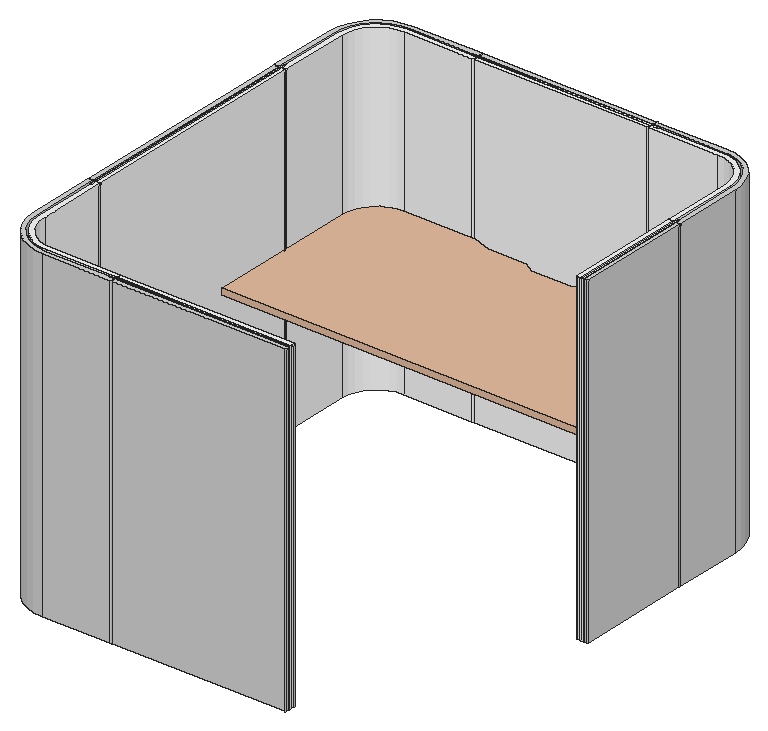
Revit family "NBS_Senator_MeetingPods_SoloAbodePlusRightHand", category Furniture, Revit 2018
Family settings
  Work Plane-Based = No
  Always vertical = Yes
  Cut with Voids When Loaded = No
  Shared = No
  Room Calculation Point = No
Parameters (values of type "PDSAP14R")
  WarrantyStartDate [instance] = "1900-12-31T23:59:59"
  WarrantyGuarantorParts = "contactus@thesenatorgroup.com"
  WarrantyGuarantorLabor = "n/a"
  WarrantyDurationUnit = "year"
  WarrantyDurationParts = "10"
  WarrantyDurationLabor = "n/a"
  WarrantyDescription = "Senator warrants that its manufactured products are free from manufacturing defects - in materials or workmanship - for a period of ten (10) years on Senator Seating ranges; and fifteen (15) years on Senator Desking ranges - exceptions are listed below. Senator will repair or replace (at Senator’s sole discretion) with comparable free of charge materials / components, any product / component, which fails under normal use in a single shift environment, as a result of a defect in the materials and / or workmanship"
  Version = "1"  # constant formula
  Uniclass2015Version = "Products v1.16"
  Uniclass2015Title = "Pr_40_50_12_53"
  Uniclass2015Code = "Meeting pods"
  TagNumber [instance] = "n/a"
  SustainabilityPerformance = "99% recyclable"
  Style = "Pods"
  Status = "UNSET"
  Size = "2000 x 1750 x 1400 mm"
  Shape = "n/a"
  SerialNumber [instance] = "n/a"
  SeatWidth = "n/a"
  SeatDepth = "n/a"
  Revision = "n/a"
  ReplacementCost = "n/a"
  Reference = "n/a"
  ProductInformation = "n/a"
  PodWidth = 1750 mm  # constant formula
  PodHeight = 1400 mm
  PodDepth = 2000 mm  # constant formula
  InnerPanelMaterial = NBS_Senator_White
  OuterPanelMaterial = NBS_Senator_StAndrews
  NominalWidth = 1400 mm
  NominalLength = 1750 mm
  NominalHeight = 1400 mm
  NominalDepth = 2000 mm
  Name = "MeetingPods_SoloAbodePlusRightHand_PDSAP14R_Senator"
  NBSReference = "45-35-20/342"
  NBSDescription = "Meeting pods"
  NBSCertification = "www.nationalbimlibrary.com/cert/wiskhycj"
  ModelReference = "Pods-SoloAbodePlusRightHand_PDSAP14R"
  ModelNumber = "PDSAP14R"
  Material = "Fabric, metal, plastic"
  ManufacturerURL = "www.senator.co.uk"
  ManufacturerName = "The Senator Group"  # constant formula
  Manufacturer = "sales@senator.co.uk"  # constant formula
  MainColor = "n/a"
  IsBuiltIn = no
  InstallationDate [instance] = "1900-12-31T23:59:59"
  MiddlePanelMaterial = NBS_Senator_White
  IfcExportType = "USERDEFINED"  # constant formula
  IfcExportAs = "IfcFurnitureType"  # constant formula
  Grade = "n/a"
  FramesColour = "Black, white"
  FinishOptions = "Carini walnut, mocha, autumn, strata oak, maple, highland oak, beech, winter oak, hacienda white, white, light grey, denim, clay, lemon sorbet"
  Finish = "Outer vertical panels upholstered in camira, blazer fabric Two tone is standard"
  Features = "Internal frame with multi-layered acoustic foam, levelling adjusters, blazer fabric, outer vertical panels"
  FabricFinishOptions = "Plymouth, fairfield, latymer, lancaster, silcoates, silverdale, st andrews, trevelyan, ulster, wellington, wesley, manchester,"
  ExpectedLife = "10"
  DurationUnit = "year"
  DeskWidth = 1645 mm  # constant formula
  DeskThickness = 0 mm
  DeskMaterial = NBS_Senator_HighlandOak
  DeskDepth = 800 mm  # constant formula
  Description = "Compact single person workspace"
  Constituents = "n/a"
  Color = "n/a"
  CodePerformance = "n/a"
  Category = "Pr_40_50_12_53: Meeting pods"
  BarCode [instance] = "n/a"
  BIMObjectName = "NBS_Senator_MeetingPods_SoloAbodePlusRightHand_PDSAP14R"
  Author = "NBS"  # constant formula
  AssetType = "Fixed"
  AssetIdentifier [instance] = "n/a"
  Accessories = "Monitor arms, PU desk accessories, desk top accessories, CPU holders, electrical accessories, coat hanger, name plate, A2 dry wipe board with hanger, A3 dry wipe board with hanger"
  AccessibilityPerformance = "n/a"
Types (3, lengths in mm): name | Size | PodHeight | NominalWidth | NominalHeight | Name | ModelReference | ModelNumber | BIMObjectName
  (no name) | "2000 x 1750 x 1400 mm" | 1400 | 1400 | 1400 | "MeetingPods_SoloAbodePlusRightHand_PDSAP14R_Senator" | "Pods-SoloAbodePlusRightHand_PDSAP14R" | "PDSAP14R" | "NBS_Senator_MeetingPods_SoloAbodePlusRightHand_PDSAP14R"
  PDSAP14R | "2000 x 1750 x 1400 mm" | 1400 | 1400 | 1400 | "MeetingPods_SoloAbodePlusRightHand_PDSAP14R_Senator" | "Pods-SoloAbodePlusRightHand_PDSAP14R" | "PDSAP14R" | "NBS_Senator_MeetingPods_SoloAbodePlusRightHand_PDSAP14R"
  PDSAP18R | "2000 x 1750 x 1800 mm" | 1800 | 1800 | 1800 | "MeetingPods_SoloAbodePlusRightHand_PDSAP18R_Senator" | "Pods-SoloAbodePlusRightHand_PDSAP18R" | "PDSAP18R" | "NBS_Senator_MeetingPods_SoloAbodePlusRightHand_PDSAP18R"
Reference planes
  plane 1 "Center (Front/Back)": y = 0
  plane 2 "Bottom": z = 0
  plane 3 "Center (Left/Right)": x = 0
  plane 4 "Right": x = 875
  plane 5 "Left": x = -875
  plane 6 "Back": y = 1000
  plane 7 "Front": y = -1000
  plane 8 "Top": z = 1400
  plane 9: y = -950
  plane 10: x = -825
  plane 11: x = 825
  plane 12: y = 950
  plane 13: y = -970
  plane 14: y = -980
  plane 15: x = 855
  plane 16: x = 845
  plane 17: y = 980
  plane 18: y = 970
  plane 19: x = -855
  plane 20: x = -845
  plane 21: x = -822.791
  plane 22: x = 822.208
  plane 23: y = 150.31
  plane 24: y = 526.117
  plane 25: x = 400.723
  plane 26: x = -400.723
  plane 27: y = 526.117
  plane 28: y = 501.044
  plane 29: y = 500.044
  plane 30: x = -374.65
  plane 31: x = -375.65
  plane 32: x = 375.65
  plane 33: x = 374.65
  plane 34: y = 501.044
  plane 35: y = 500.044
  plane 36: y = 920.31
  plane 37: y = 895.865
  plane 38: z = 710
  plane 39: z = 685
  plane 40: x = -401.518
  plane 41: x = -376.445
  plane 42: x = -375.445
  plane 43: x = 375
  plane 44: y = -525.3
  plane 45: y = -500.3
  plane 46: y = -499.3
  plane 47: y = 3.7
Forms (mm)
  Extrusion 1, solid, material "NBS_Senator_StAndrews" <- "OuterPanelMaterial", detail levels medium+fine
    sketch origin (0, 0, 0) x (1, 0, 0) y (0, 1, 0)
      loop
        arc (-369.65, 1000) -> (-373.185, 998.536) -> (-374.65, 995) r 5
        line (-374.65, 995) -> (-374.65, 985)
        arc (-374.65, 985) -> (-373.185, 981.464) -> (-369.65, 980) r 5
        line (-369.65, 980) -> (369.65, 980)
        arc (369.65, 980) -> (373.185, 981.464) -> (374.65, 985) r 5
        line (374.65, 985) -> (374.65, 995)
        arc (374.65, 995) -> (373.185, 998.536) -> (369.65, 1000) r 5
        line (369.65, 1000) -> (-369.65, 1000)
    from 0 to 1400
  Extrusion 2, solid, material "NBS_Senator_White" <- "InnerPanelMaterial", detail levels medium+fine
    sketch origin (0, 0, 0) x (1, 0, 0) y (0, 1, 0)
      loop
        arc (-369.65, 970) -> (-373.185, 968.536) -> (-374.65, 965) r 5
        line (-374.65, 965) -> (-374.65, 955)
        arc (-374.65, 955) -> (-373.185, 951.464) -> (-369.65, 950) r 5
        line (-369.65, 950) -> (369.65, 950)
        arc (369.65, 950) -> (373.185, 951.464) -> (374.65, 955) r 5
        line (374.65, 955) -> (374.65, 965)
        arc (374.65, 965) -> (373.185, 968.536) -> (369.65, 970) r 5
        line (369.65, 970) -> (-369.65, 970)
    from 0 to 1400
  Extrusion 3, solid, material "NBS_Senator_White" <- "InnerPanelMaterial", detail levels medium+fine
    sketch origin (0, 0, 0) x (1, 0, 0) y (0, 1, 0)
      loop
        line (-380.65, 970) -> (-680, 970)
        arc (-680, 970) -> (-796.673, 921.673) -> (-845, 805) r 165
        line (-845, 805) -> (-845, 506.044)
        arc (-845, 506.044) -> (-843.536, 502.509) -> (-840, 501.044) r 5
        line (-840, 501.044) -> (-830, 501.044)
        arc (-830, 501.044) -> (-826.464, 502.509) -> (-825, 506.044) r 5
        line (-825, 506.044) -> (-825, 800)
        arc (-825, 800) -> (-781.066, 906.066) -> (-675, 950) r 150
        line (-675, 950) -> (-380.65, 950)
        arc (-380.65, 950) -> (-377.114, 951.464) -> (-375.65, 955) r 5
        line (-375.65, 955) -> (-375.65, 965)
        arc (-375.65, 965) -> (-377.114, 968.536) -> (-380.65, 970) r 5
    from 0 to 1400
  Extrusion 4, solid, material "NBS_Senator_White" <- "InnerPanelMaterial", detail levels medium+fine
    sketch origin (0, 0, 0) x (1, 0, 0) y (0, 1, 0)
      loop
        line (830, 501.044) -> (840, 501.044)
        arc (840, 501.044) -> (843.536, 502.509) -> (845, 506.044) r 5
        line (845, 506.044) -> (845, 805)
        arc (845, 805) -> (796.673, 921.673) -> (680, 970) r 165
        line (680, 970) -> (380.65, 970)
        arc (380.65, 970) -> (377.114, 968.536) -> (375.65, 965) r 5
        line (375.65, 965) -> (375.65, 955)
        arc (375.65, 955) -> (377.114, 951.464) -> (380.65, 950) r 5
        line (380.65, 950) -> (675, 950)
        arc (675, 950) -> (781.066, 906.066) -> (825, 800) r 150
        line (825, 800) -> (825, 506.044)
        arc (825, 506.044) -> (826.464, 502.509) -> (830, 501.044) r 5
    from 0 to 1400
  Extrusion 5, solid, material "NBS_Senator_StAndrews" <- "OuterPanelMaterial", detail levels medium+fine
    sketch origin (0, 0, 0) x (1, 0, 0) y (0, 1, 0)
      loop
        line (-870, 501.044) -> (-860, 501.044)
        arc (-860, 501.044) -> (-856.464, 502.509) -> (-855, 506.044) r 5
        line (-855, 506.044) -> (-855, 800)
        arc (-855, 800) -> (-802.279, 927.279) -> (-675, 980) r 180
        line (-675, 980) -> (-380.65, 980)
        arc (-380.65, 980) -> (-377.114, 981.464) -> (-375.65, 985) r 5
        line (-375.65, 985) -> (-375.65, 995)
        arc (-375.65, 995) -> (-377.114, 998.536) -> (-380.65, 1000) r 5
        line (-380.65, 1000) -> (-673, 1000)
        arc (-673, 1000) -> (-815.836, 940.836) -> (-875, 798) r 202
        line (-875, 798) -> (-875, 506.044)
        arc (-875, 506.044) -> (-873.536, 502.509) -> (-870, 501.044) r 5
    from 0 to 1400
  Extrusion 6, solid, material "NBS_Senator_StAndrews" <- "OuterPanelMaterial", detail levels medium+fine
    sketch origin (0, 0, 0) x (1, 0, 0) y (0, 1, 0)
      loop
        arc (380.65, 1000) -> (377.114, 998.536) -> (375.65, 995) r 5
        line (375.65, 995) -> (375.65, 985)
        arc (375.65, 985) -> (377.114, 981.464) -> (380.65, 980) r 5
        line (380.65, 980) -> (675, 980)
        arc (675, 980) -> (802.279, 927.279) -> (855, 800) r 180
        line (855, 800) -> (855, 506.044)
        arc (855, 506.044) -> (856.464, 502.509) -> (860, 501.044) r 5
        line (860, 501.044) -> (870, 501.044)
        arc (870, 501.044) -> (873.536, 502.509) -> (875, 506.044) r 5
        line (875, 506.044) -> (875, 798)
        arc (875, 798) -> (815.836, 940.836) -> (673, 1000) r 202
        line (673, 1000) -> (380.65, 1000)
    from 0 to 1400
  Extrusion 7, solid, material "NBS_Senator_White" <- "MiddlePanelMaterial", detail levels medium+fine
    sketch origin (0, 0, 0) x (1, 0, 0) y (0, 1, 0)
      loop
        line (375, -980) -> (375, -970) -> (-401.518, -970) -> (-401.518, -980) -> (375, -980)
      loop
        line (-855, -525.3) -> (-845, -525.3) -> (-845, 526.117) -> (-855, 526.117) -> (-855, -525.3)
      loop
        line (400.723, 970) -> (400.723, 980) -> (-400.723, 980) -> (-400.723, 970) -> (400.723, 970)
      loop
        line (845, 526.117) -> (845, 3.7) -> (855, 3.7) -> (855, 526.117) -> (845, 526.117)
    from 0 to 1400
  Extrusion 8, solid, material "NBS_Senator_White" <- "InnerPanelMaterial", detail levels medium+fine
    sketch origin (0, 0, 0) x (1, 0, 0) y (0, 1, 0)
      loop
        line (370, -950) -> (-370.445, -950)
        arc (-370.445, -950) -> (-373.981, -951.464) -> (-375.445, -955) r 5
        line (-375.445, -955) -> (-375.445, -965)
        arc (-375.445, -965) -> (-373.981, -968.536) -> (-370.445, -970) r 5
        line (-370.445, -970) -> (370, -970)
        arc (370, -970) -> (373.536, -968.536) -> (375, -965) r 5
        line (375, -965) -> (375, -955)
        arc (375, -955) -> (373.536, -951.464) -> (370, -950) r 5
    from 0 to 1400
  Extrusion 9, solid, material "NBS_Senator_StAndrews" <- "OuterPanelMaterial", detail levels medium+fine
    sketch origin (0, -30, 0) x (1, 0, 0) y (0, 1, 0)
      loop
        line (370, -950) -> (-370.445, -950)
        arc (-370.445, -950) -> (-373.981, -951.464) -> (-375.445, -955) r 5
        line (-375.445, -955) -> (-375.445, -965)
        arc (-375.445, -965) -> (-373.981, -968.536) -> (-370.445, -970) r 5
        line (-370.445, -970) -> (370, -970)
        arc (370, -970) -> (373.536, -968.536) -> (375, -965) r 5
        line (375, -965) -> (375, -955)
        arc (375, -955) -> (373.536, -951.464) -> (370, -950) r 5
    from 0 to 1400
  Extrusion 10, solid, material "NBS_Senator_StAndrews" <- "OuterPanelMaterial", detail levels medium+fine
    sketch origin (0, 0, 0) x (1, 0, 0) y (0, 1, 0)
      loop
        line (-870, -499.3) -> (-860, -499.3)
        arc (-860, -499.3) -> (-856.464, -497.836) -> (-855, -494.3) r 5
        line (-855, -494.3) -> (-855, 495.044)
        arc (-855, 495.044) -> (-856.464, 498.58) -> (-860, 500.044) r 5
        line (-860, 500.044) -> (-870, 500.044)
        arc (-870, 500.044) -> (-873.536, 498.58) -> (-875, 495.044) r 5
        line (-875, 495.044) -> (-875, -494.3)
        arc (-875, -494.3) -> (-873.536, -497.836) -> (-870, -499.3) r 5
    from 0 to 1400
  Extrusion 11, solid, material "NBS_Senator_White" <- "InnerPanelMaterial", detail levels medium+fine
    sketch origin (30, 0, 0) x (1, 0, 0) y (0, 1, 0)
      loop
        line (-870, -499.3) -> (-860, -499.3)
        arc (-860, -499.3) -> (-856.464, -497.836) -> (-855, -494.3) r 5
        line (-855, -494.3) -> (-855, 495.044)
        arc (-855, 495.044) -> (-856.464, 498.58) -> (-860, 500.044) r 5
        line (-860, 500.044) -> (-870, 500.044)
        arc (-870, 500.044) -> (-873.536, 498.58) -> (-875, 495.044) r 5
        line (-875, 495.044) -> (-875, -494.3)
        arc (-875, -494.3) -> (-873.536, -497.836) -> (-870, -499.3) r 5
    from 0 to 1400
  Extrusion 12, solid, material "NBS_Senator_StAndrews" <- "OuterPanelMaterial", detail levels medium+fine
    sketch origin (0, 0, 0) x (1, 0, 0) y (0, 1, 0)
      loop
        arc (870, 3.7) -> (873.536, 5.164) -> (875, 8.7) r 5
        line (875, 8.7) -> (875, 495.044)
        arc (875, 495.044) -> (873.536, 498.58) -> (870, 500.044) r 5
        line (870, 500.044) -> (860, 500.044)
        arc (860, 500.044) -> (856.464, 498.58) -> (855, 495.044) r 5
        line (855, 495.044) -> (855, 8.7)
        arc (855, 8.7) -> (856.464, 5.164) -> (860, 3.7) r 5
        line (860, 3.7) -> (870, 3.7)
    from 0 to 1400
  Extrusion 13, solid, material "NBS_Senator_StAndrews" <- "OuterPanelMaterial", detail levels medium+fine
    sketch origin (0, 0, 0) x (1, 0, 0) y (0, 1, 0)
      loop
        arc (-870, -500.3) -> (-873.536, -501.764) -> (-875, -505.3) r 5
        line (-875, -505.3) -> (-875, -798)
        arc (-875, -798) -> (-815.836, -940.836) -> (-673, -1000) r 202
        line (-673, -1000) -> (-381.445, -1000)
        arc (-381.445, -1000) -> (-377.91, -998.536) -> (-376.445, -995) r 5
        line (-376.445, -995) -> (-376.445, -985)
        arc (-376.445, -985) -> (-377.91, -981.464) -> (-381.445, -980) r 5
        line (-381.445, -980) -> (-675, -980)
        arc (-675, -980) -> (-802.279, -927.279) -> (-855, -800) r 180
        line (-855, -800) -> (-855, -505.3)
        arc (-855, -505.3) -> (-856.464, -501.764) -> (-860, -500.3) r 5
        line (-860, -500.3) -> (-870, -500.3)
    from 0 to 1400
  Extrusion 14, solid, material "NBS_Senator_White" <- "InnerPanelMaterial", detail levels medium+fine
    sketch origin (0, 0, 0) x (1, 0, 0) y (0, 1, 0)
      loop
        arc (830, 500.044) -> (826.464, 498.58) -> (825, 495.044) r 5
        line (825, 495.044) -> (825, 8.7)
        arc (825, 8.7) -> (826.464, 5.164) -> (830, 3.7) r 5
        line (830, 3.7) -> (840, 3.7)
        arc (840, 3.7) -> (843.536, 5.164) -> (845, 8.7) r 5
        line (845, 8.7) -> (845, 495.044)
        arc (845, 495.044) -> (843.536, 498.58) -> (840, 500.044) r 5
        line (840, 500.044) -> (830, 500.044)
    from 0 to 1400
  Extrusion 15, solid, material "NBS_Senator_White" <- "InnerPanelMaterial", detail levels medium+fine
    sketch origin (0, 0, 0) x (1, 0, 0) y (0, 1, 0)
      loop
        arc (-840, -500.3) -> (-843.536, -501.764) -> (-845, -505.3) r 5
        line (-845, -505.3) -> (-845, -805)
        arc (-845, -805) -> (-796.673, -921.673) -> (-680, -970) r 165
        line (-680, -970) -> (-381.445, -970)
        arc (-381.445, -970) -> (-377.91, -968.536) -> (-376.445, -965) r 5
        line (-376.445, -965) -> (-376.445, -955)
        arc (-376.445, -955) -> (-377.91, -951.464) -> (-381.445, -950) r 5
        line (-381.445, -950) -> (-675, -950)
        arc (-675, -950) -> (-781.066, -906.066) -> (-825, -800) r 150
        line (-825, -800) -> (-825, -505.3)
        arc (-825, -505.3) -> (-826.464, -501.764) -> (-830, -500.3) r 5
        line (-830, -500.3) -> (-840, -500.3)
    from 0 to 1400
  Extrusion 16, solid, material "NBS_Senator_StAndrews" <- "OuterPanelMaterial", detail levels coarse
    sketch origin (0, 0, 0) x (1, 0, 0) y (0, 1, 0)
      loop
        line (375, -950) -> (-675, -950)
        arc (-675, -950) -> (-781.066, -906.066) -> (-825, -800) r 150
        line (-825, -800) -> (-825, 800)
        arc (-825, 800) -> (-781.066, 906.066) -> (-675, 950) r 150
        line (-675, 950) -> (675, 950)
        arc (675, 950) -> (781.066, 906.066) -> (825, 800) r 150
        line (825, 800) -> (825, 3.7) -> (875, 3.7) -> (875, 798)
        arc (875, 798) -> (815.836, 940.836) -> (673, 1000) r 202
        line (673, 1000) -> (-673, 1000)
        arc (-673, 1000) -> (-815.836, 940.836) -> (-875, 798) r 202
        line (-875, 798) -> (-875, -798)
        arc (-875, -798) -> (-815.836, -940.836) -> (-673, -1000) r 202
        line (-673, -1000) -> (375, -1000) -> (375, -950)
    from 0 to 1400
Dimensions and locks
  "PodWidth": plane 5 "Left" to plane 4 "Right"
  "PodDepth": plane 7 "Front" to plane 6 "Back"
  equal spacing: plane 5 "Left", plane 3 "Center (Left/Right)", plane 4 "Right"
  "PodHeight": plane 8 "Top" to plane 2 "Bottom"
  plane 5 "Left" to plane 19 to plane 20 to plane 10 to plane 21 = 20 mm locked, 10 mm locked, 20 mm locked, 2.209 mm locked
  plane 22 to plane 11 to plane 16 to plane 15 to plane 4 "Right" = 2.792 mm locked, 20 mm locked, 10 mm locked, 20 mm locked
  plane 12 to plane 18 to plane 17 to plane 6 "Back" = 20 mm locked, 10 mm locked, 20 mm locked
  plane 7 "Front" to plane 14 to plane 13 to plane 9 = 20 mm locked, 10 mm locked, 20 mm locked
  locked: plane 38 to plane 39 at 25
  locked: plane 38 to plane 2 "Bottom" at 710
  locked: plane 31 to plane 30 at 1
  locked: plane 26 to plane 31 at 25.073
  locked: plane 5 "Left" to plane 30 at 500.35
  locked: plane 33 to plane 32 at 1
  locked: plane 32 to plane 25 at 25.073
  locked: plane 33 to plane 4 "Right" at 500.35
  radius of Extrusion 1 sketch curve = 5 mm  (x4)
  radius of Extrusion 2 sketch curve = 5 mm  (x4)
  radius of Extrusion 3 sketch curve = 150 mm
  radius of Extrusion 3 sketch curve = 165 mm
  radius of Extrusion 3 sketch curve = 5 mm  (x2)
  radius of Extrusion 4 sketch curve = 165 mm
  radius of Extrusion 4 sketch curve = 150 mm
  radius of Extrusion 4 sketch curve = 5 mm  (x2)
  radius of Extrusion 5 sketch curve = 180 mm
  radius of Extrusion 5 sketch curve = 202 mm
  radius of Extrusion 5 sketch curve = 5 mm  (x4)
  radius of Extrusion 6 sketch curve = 180 mm
  radius of Extrusion 6 sketch curve = 202 mm
  radius of Extrusion 6 sketch curve = 5 mm  (x4)
  radius of Extrusion 8 sketch curve = 5 mm  (x4)
  radius of Extrusion 9 sketch curve = 5 mm  (x4)
  radius of Extrusion 10 sketch curve = 5 mm  (x4)
  radius of Extrusion 11 sketch curve = 5 mm  (x4)
  radius of Extrusion 12 sketch curve = 5 mm  (x4)
  radius of Extrusion 13 sketch curve = 180 mm
  radius of Extrusion 13 sketch curve = 202 mm
  radius of Extrusion 13 sketch curve = 5 mm  (x4)
  radius of Extrusion 14 sketch curve = 5 mm  (x4)
  radius of Extrusion 15 sketch curve = 150 mm
  radius of Extrusion 15 sketch curve = 165 mm
  radius of Extrusion 15 sketch curve = 5 mm  (x4)
  radius of Extrusion 16 sketch curve = 150 mm  (x3)
  radius of Extrusion 16 sketch curve = 202 mm  (x3)
  aligned and locked: level to plane 2 "Bottom"
  aligned and locked: plane 33 to Extrusion 1 sketch curve
  aligned and locked: plane 6 "Back" to Extrusion 1 sketch curve
  aligned and locked: Extrusion 1 sketch curve to plane 17
  aligned and locked: Extrusion 1 sketch curve to plane 30
  aligned and locked: Extrusion 3 sketch curve to plane 10
  aligned and locked: plane 28 to Extrusion 3 sketch curve
  aligned and locked: plane 20 to Extrusion 3 sketch curve
  aligned and locked: plane 12 to Extrusion 3 sketch curve
  aligned and locked: Extrusion 3 sketch curve to plane 18
  aligned and locked: Extrusion 3 sketch curve to plane 31
  aligned and locked: plane 8 "Top" to Extrusion 3
  aligned and locked: Extrusion 3 to plane 2 "Bottom"
  aligned and locked: Extrusion 1 to plane 2 "Bottom"
  aligned and locked: plane 8 "Top" to Extrusion 1
  aligned and locked: Extrusion 2 sketch curve to plane 12
  aligned and locked: Extrusion 2 to plane 18
  aligned and locked: plane 18 to Extrusion 2 sketch curve
  aligned and locked: Extrusion 4 sketch curve to plane 32
  aligned and locked: Extrusion 4 sketch curve to plane 12
  aligned and locked: plane 18 to Extrusion 4 sketch curve
  aligned and locked: Extrusion 4 sketch curve to plane 34
  aligned and locked: Extrusion 4 sketch curve to plane 11
  aligned and locked: plane 16 to Extrusion 4 sketch curve
  aligned and locked: Extrusion 4 to plane 2 "Bottom"
  aligned and locked: plane 8 "Top" to Extrusion 4
  aligned and locked: Extrusion 5 sketch curve to plane 28
  aligned and locked: plane 19 to Extrusion 5 sketch curve
  aligned and locked: Extrusion 5 sketch curve to plane 5 "Left"
  aligned and locked: plane 6 "Back" to Extrusion 5 sketch curve
  aligned and locked: Extrusion 5 sketch curve to plane 17
  aligned and locked: plane 31 to Extrusion 5 sketch curve
  aligned and locked: Extrusion 5 to plane 2 "Bottom"
  aligned and locked: plane 8 "Top" to Extrusion 5
  aligned and locked: plane 15 to Extrusion 6 sketch curve
  aligned and locked: plane 34 to Extrusion 6 sketch curve
  aligned and locked: Extrusion 6 sketch curve to plane 4 "Right"
  aligned and locked: Extrusion 6 sketch curve to plane 17
  aligned and locked: Extrusion 6 sketch curve to plane 32
  aligned and locked: plane 6 "Back" to Extrusion 6 sketch curve
  aligned and locked: plane 8 "Top" to Extrusion 2
  aligned and locked: Extrusion 2 to plane 2 "Bottom"
  aligned and locked: plane 8 "Top" to Extrusion 6
  aligned and locked: Extrusion 6 to plane 2 "Bottom"
  aligned and locked: nested 1 to plane 38
  aligned and locked: nested 1 to plane 39
  aligned and locked: plane 3 "Center (Left/Right)" to nested 1
  aligned and locked: plane 12 to nested 1
  aligned and locked: plane 40 to Extrusion 7 sketch curve
  aligned and locked: plane 13 to Extrusion 7 sketch curve
  aligned and locked: Extrusion 7 sketch curve to plane 14
  aligned and locked: Extrusion 7 sketch curve to plane 43
  aligned and locked: plane 27 to Extrusion 7 sketch curve
  aligned and locked: plane 20 to Extrusion 7 sketch curve
  aligned and locked: Extrusion 7 sketch curve to plane 19
  aligned and locked: plane 44 to Extrusion 7 sketch curve
  aligned and locked: Extrusion 7 sketch curve to plane 26
  aligned and locked: plane 17 to Extrusion 7 sketch curve
  aligned and locked: Extrusion 7 sketch curve to plane 18
  aligned and locked: plane 25 to Extrusion 7 sketch curve
  aligned and locked: Extrusion 7 sketch curve to plane 47
  aligned and locked: Extrusion 7 sketch curve to plane 15
  aligned and locked: plane 16 to Extrusion 7 sketch curve
  aligned and locked: Extrusion 7 sketch curve to plane 24
  aligned and locked: Extrusion 7 to plane 2 "Bottom"
  aligned and locked: plane 8 "Top" to Extrusion 7
  aligned and locked: Extrusion 8 sketch curve to plane 9
  aligned and locked: Extrusion 8 sketch curve to plane 42
  aligned and locked: plane 13 to Extrusion 8 sketch curve
  aligned and locked: plane 43 to Extrusion 8 sketch curve
  aligned and locked: Extrusion 8 to plane 2 "Bottom"
  aligned and locked: plane 8 "Top" to Extrusion 8
  aligned and locked: Extrusion 9 sketch curve to plane 42
  aligned and locked: plane 7 "Front" to Extrusion 9 sketch curve
  aligned and locked: Extrusion 9 sketch curve to plane 14
  aligned and locked: plane 43 to Extrusion 9 sketch curve
  aligned and locked: Extrusion 9 to plane 2 "Bottom"
  aligned and locked: plane 8 "Top" to Extrusion 9
  aligned and locked: plane 46 to Extrusion 10 sketch curve
  aligned and locked: Extrusion 10 sketch curve to plane 5 "Left"
  aligned and locked: plane 19 to Extrusion 10 sketch curve
  aligned and locked: plane 29 to Extrusion 10 sketch curve
  aligned and locked: Extrusion 10 to plane 2 "Bottom"
  aligned and locked: plane 8 "Top" to Extrusion 10
  aligned and locked: plane 46 to Extrusion 11 sketch curve
  aligned and locked: Extrusion 11 sketch curve to plane 20
  aligned and locked: plane 10 to Extrusion 11 sketch curve
  aligned and locked: plane 29 to Extrusion 11 sketch curve
  aligned and locked: plane 8 "Top" to Extrusion 11
  aligned and locked: Extrusion 11 to plane 2 "Bottom"
  aligned and locked: plane 15 to Extrusion 12 sketch curve
  aligned and locked: Extrusion 12 sketch curve to plane 47
  aligned and locked: Extrusion 12 sketch curve to plane 4 "Right"
  aligned and locked: Extrusion 12 sketch curve to plane 35
  aligned and locked: plane 8 "Top" to Extrusion 12
  aligned and locked: Extrusion 12 to plane 2 "Bottom"
  aligned and locked: Extrusion 13 sketch curve to plane 7 "Front"
  aligned and locked: plane 14 to Extrusion 13 sketch curve
  aligned and locked: Extrusion 13 sketch curve to plane 41
  aligned and locked: Extrusion 13 sketch curve to plane 19
  aligned and locked: plane 5 "Left" to Extrusion 13 sketch curve
  aligned and locked: plane 45 to Extrusion 13 sketch curve
  aligned and locked: plane 8 "Top" to Extrusion 13
  aligned and locked: Extrusion 13 to plane 2 "Bottom"
  aligned and locked: plane 11 to Extrusion 14 sketch curve
  aligned and locked: Extrusion 14 sketch curve to plane 16
  aligned and locked: Extrusion 14 sketch curve to plane 35
  aligned and locked: Extrusion 14 sketch curve to plane 47
  aligned and locked: plane 8 "Top" to Extrusion 14
  aligned and locked: Extrusion 14 to plane 2 "Bottom"
  aligned and locked: plane 41 to Extrusion 15 sketch curve
  aligned and locked: plane 13 to Extrusion 15 sketch curve
  aligned and locked: Extrusion 15 sketch curve to plane 9
  aligned and locked: plane 20 to Extrusion 15 sketch curve
  aligned and locked: Extrusion 15 sketch curve to plane 10
  aligned and locked: plane 45 to Extrusion 15 sketch curve
  aligned and locked: plane 8 "Top" to Extrusion 15
  aligned and locked: Extrusion 15 to plane 2 "Bottom"
  aligned and locked: Extrusion 2 sketch curve to plane 30
  aligned and locked: plane 33 to Extrusion 2 sketch curve
  aligned and locked: plane 43 to Extrusion 16 sketch curve
  aligned and locked: Extrusion 16 sketch curve to plane 9
  aligned and locked: plane 7 "Front" to Extrusion 16 sketch curve
  aligned and locked: plane 10 to Extrusion 16 sketch curve
  aligned and locked: Extrusion 16 sketch curve to plane 5 "Left"
  aligned and locked: Extrusion 16 sketch curve to plane 6 "Back"
  aligned and locked: nested 1 to Extrusion 16 sketch curve
  aligned and locked: Extrusion 16 sketch curve to plane 11
  aligned and locked: plane 4 "Right" to Extrusion 16 sketch curve
  aligned and locked: plane 47 to Extrusion 16 sketch curve
  aligned and locked: Extrusion 16 to plane 2 "Bottom"
  aligned and locked: plane 8 "Top" to Extrusion 16
Automatic sketch dimensions
  plane 6 "Back" to Extrusion 1 sketch curve = 5 mm
  Extrusion 3 sketch curve to Extrusion 3 sketch curve = 5 mm
  Extrusion 3 sketch curve to plane 10 = 5 mm
  plane 11 to Extrusion 4 sketch curve = 5 mm
  Extrusion 4 sketch curve to Extrusion 4 sketch curve = 5 mm
Nested families
  nested 1: "NBS_Senator_Desk_PDSAT" at (0, 950, 685), type "NBS_Senator_Desk_PDSAT"
    with DeskWidth 1645 mm, DeskDepth 800 mm
Definition of nested family "NBS_Senator_Desk_PDSAT"
  Parameters (values of type "NBS_Senator_Desk_PDSAT")
    DeskWidth = 1640 mm
    DeskThickness = 25 mm
    DeskMaterial = none
    DeskDepth = 960 mm
  Reference planes
    plane 1 "Back": y = 0
    plane 2 "Bottom": z = 0
    plane 3 "Center (Left/Right)": x = 0
    plane 4 "Left": x = -820
    plane 5 "Right": x = 820
    plane 6 "Front": y = -960
    plane 7 "Top": z = 25
  Forms (mm)
    Extrusion 1, solid, material <- "DeskMaterial"
      sketch origin (0, 0, 0) x (1, 0, 0) y (0, 1, 0)
        loop
          arc (-670, 0) -> (-776.066, -43.934) -> (-820, -150) r 150
          line (-820, -150) -> (-820, -960) -> (820, -960) -> (820, -150)
          arc (820, -150) -> (776.066, -43.934) -> (670, 0) r 150
          line (670, 0) -> (369.041, 0) -> (289.799, -29.69) -> (126.526, -29.69) -> (84.186, -54.135) -> (-84.186, -54.135) -> (-126.526, -29.69) -> (-289.799, -29.69) -> (-369.041, 0) -> (-670, 0)
      from 0 to 25
  Dimensions and locks
    equal spacing: plane 4 "Left", plane 3 "Center (Left/Right)", plane 5 "Right"
    "DeskWidth": plane 4 "Left" to plane 5 "Right"
    "DeskDepth": plane 6 "Front" to plane 1 "Back"
    Extrusion 1 sketch curve to Extrusion 1 sketch curve to Extrusion 1 sketch curve to plane 3 "Center (Left/Right)" to Extrusion 1 sketch curve to Extrusion 1 sketch curve to Extrusion 1 sketch curve = 79.242 mm locked, 163.273 mm locked, 126.526 mm locked, 126.526 mm locked, 163.273 mm locked, 79.242 mm locked
    "DeskThickness": plane 7 "Top" to level
    aligned and locked: level to plane 2 "Bottom"
    aligned and locked: plane 1 "Back" to Extrusion 1 sketch curve
    aligned and locked: plane 4 "Left" to Extrusion 1 sketch curve
    aligned and locked: plane 6 "Front" to Extrusion 1 sketch curve
    aligned and locked: Extrusion 1 sketch curve to plane 5 "Right"
    aligned and locked: Extrusion 1 to plane 2 "Bottom"
    aligned and locked: plane 7 "Top" to Extrusion 1
  Automatic sketch dimensions
    plane 4 "Left" to Extrusion 1 sketch curve = 150 mm
    plane 1 "Back" to Extrusion 1 sketch curve = 150 mm
    plane 1 "Back" to Extrusion 1 sketch curve = 29.69 mm  (x2)
    Extrusion 1 sketch curve to Extrusion 1 sketch curve = 42.34 mm  (x2)
    plane 1 "Back" to Extrusion 1 sketch curve = 0 mm
    Extrusion 1 sketch curve to Extrusion 1 sketch curve = 24.445 mm
